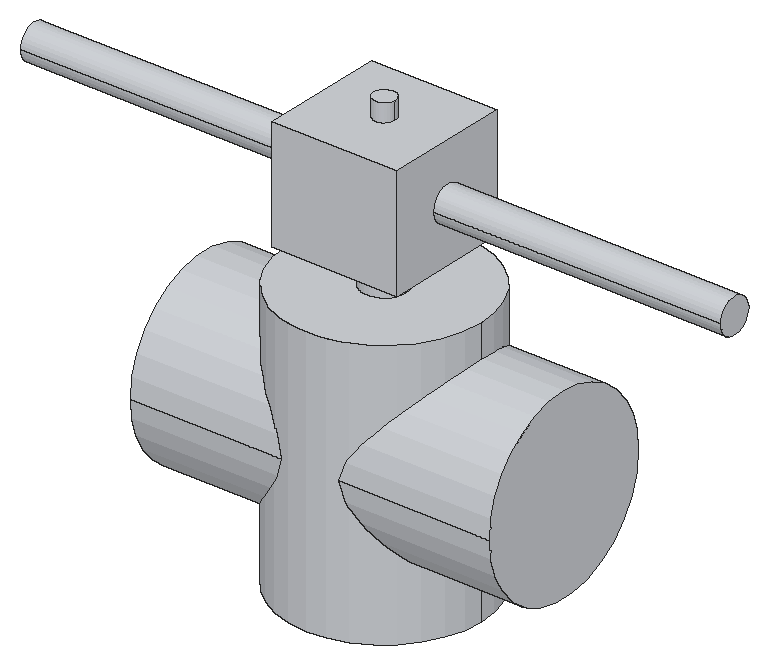
Revit family "M_Válvula macho - 15-50 mm", category Acessórios do tubo, Revit 2019
Family settings
  Cota do conector redondo = Usar raio
  Tipo de parte = Válvula - Quebra entre
  Número OmniClass = 23.65.55.14.17
  Título OmniClass = Adjusting/Controlling Valves for Liquid Services
  ID de item do Seek = Plug Valve - 15-50 mm-0000-CAN-ENU
  Com base no plano de trabalho = Não
  Sempre na vertical = Sim
  Corte com vazios quando carregada = Não
  Compartilhado = Não
Parameters (values of type "15 mm")
  Material da válvula = none
  Comprimento da válvula = 83 mm
  Raio do símbolo = 0.25 * Comprimento de meia válvula  # 10.375 mm
  Meia largura do símbolo = Meia altura do símbolo * 2 * tan(30.00°)  # 27.667 mm
  Meia altura do símbolo = Comprimento de meia válvula * tan(30.00°)  # 23.96 mm
  Raio 4 = 0.5 * Diâmetro 4  # 2.5 mm
  Raio 3 = 0.5 * Diâmetro 3  # 5 mm
  Raio 2 = 0.5 * Diâmetro 2  # 22.5 mm
  Raio externo = 0.5 * Diâmetro externo  # 21.5 mm
  Diâmetro externo = 43 mm
  Altura aberta = 68 mm
  Raio nominal = 7.5 mm
  Diâmetro nominal = Raio nominal * 2  # 15 mm
  Raio da alavanca = 0.5 * Diâmetro da alavanca  # 4 mm
  Comprimento da alavanca = 162 mm
  Diâmetro da alavanca = 8 mm
  K Coefficient = 0.33
  Altura 4 = 64 mm
  Altura 3 = 38 mm
  Altura 2 = 29 mm
  Altura 1 = 33 mm
  Comprimento de meia válvula = 0.5 * Comprimento da válvula  # 41.5 mm
  Comprimento de meia alavanca = 0.5 * Comprimento da alavanca  # 81 mm
  Largura do meio adaptador = 0.5 * Largura do adaptador  # 14.5 mm
  Diâmetro 4 = 5 mm
  Diâmetro 3 = 10 mm
  Diâmetro 2 = 45 mm
  Diâmetro 1 = 43 mm
  Largura do adaptador = 29 mm
Types (6, lengths in mm): name | Comprimento da válvula | Raio do símbolo | Meia largura do símbolo | Meia altura do símbolo | Raio 4 | Raio 3 | Raio 2 | Raio externo | Diâmetro externo | Altura aberta | Raio nominal | Diâmetro nominal | Raio da alavanca | Comprimento da alavanca | Diâmetro da alavanca | K Coefficient | Altura 4 | Altura 3 | Altura 2 | Altura 1 | Comprimento de meia válvula | Comprimento de meia alavanca | Largura do meio adaptador | Diâmetro 4 | Diâmetro 3 | Diâmetro 2 | Diâmetro 1 | Largura do adaptador
  (no name) | 83 | 10.375 | 27.667 | 23.96 | 2.5 | 5 | 22.5 | 21.5 | 43 | 68 | 7.5 | 15 | 4 | 162 | 8 | 0.33 | 64 | 38 | 29 | 33 | 41.5 | 81 | 14.5 | 5 | 10 | 45 | 43 | 29
  15 mm | 83 | 10.375 | 27.667 | 23.96 | 2.5 | 5 | 22.5 | 21.5 | 43 | 68 | 7.5 | 15 | 4 | 162 | 8 | 0.33 | 64 | 38 | 29 | 33 | 41.5 | 81 | 14.5 | 5 | 10 | 45 | 43 | 29
  20 mm | 83 | 10.375 | 27.667 | 23.96 | 2.5 | 5 | 22.5 | 21.5 | 43 | 68 | 10 | 20 | 4 | 162 | 8 | 1.67 | 64 | 38 | 29 | 33 | 41.5 | 81 | 14.5 | 5 | 10 | 45 | 43 | 29
  25 mm | 118 | 14.75 | 39.333 | 34.064 | 3.5 | 7 | 32 | 28 | 56 | 87 | 12.5 | 25 | 5 | 222 | 10 | 0.69 | 82 | 48 | 37 | 44 | 59 | 111 | 20.5 | 7 | 14 | 64 | 56 | 41
  40 mm | 140 | 17.5 | 46.667 | 40.415 | 4.5 | 8.5 | 37.5 | 30 | 60 | 93 | 20 | 40 | 5 | 318 | 10 | 0.29 | 87 | 51 | 39 | 41 | 70 | 159 | 24.5 | 9 | 17 | 75 | 60 | 49
  50 mm | 165 | 20.625 | 55 | 47.631 | 5 | 10 | 44.5 | 38.5 | 77 | 118 | 25 | 50 | 5.5 | 457 | 11 | 0.27 | 110.3 | 64 | 48 | 52 | 82.5 | 228.5 | 29 | 10 | 20 | 89 | 77 | 58
Reference planes
  plane 1 "Centro (Frente/Trás)": y = 0
  plane 2: z = 0
  plane 3 "Centro (Esquerda/Direita)": x = 0
  plane 4: x = -41.5
  plane 5: x = 41.5
  plane 6: z = 29
  plane 7: z = -33
  plane 8: z = 38
  plane 9: z = 64
  plane 10: x = -81
  plane 11: x = 81
  plane 12: z = 51
  plane 13: z = 68
  plane 14: y = 23.96
  plane 15: y = -23.96
  plane 16: x = -27.667
  plane 17: x = 27.667
Forms (mm)
  Extrusion 1, solid, material <- "Material da válvula", detail levels fine
    sketch origin (0, 0, 0) x (0, 1, 0) y (0, 0, 1)
      loop
        circle (0, 0) r 21.5
    from -41.5 to 41.5
  Extrusion 2, solid, material <- "Material da válvula", detail levels fine
    sketch origin (0, 0, 0) x (1, 0, 0) y (0, 1, 0)
      loop
        circle (0, 0) r 22.5
    from -33 to 29
  Extrusion 3, solid, material <- "Material da válvula", detail levels fine
    sketch origin (0, 0, 0) x (1, 0, 0) y (0, 1, 0)
      loop
        circle (0, 0) r 5
    from 29 to 38
  Extrusion 4, solid, material <- "Material da válvula", detail levels fine
    sketch origin (0, 0, 0) x (1, 0, 0) y (0, 1, 0)
      loop
        line (-14.5, 14.5) -> (-14.5, -14.5) -> (14.5, -14.5) -> (14.5, 14.5) -> (-14.5, 14.5)
    from 38 to 64
  Extrusion 5, solid, material <- "Material da válvula", detail levels fine
    sketch origin (0, 0, 0) x (0, 1, 0) y (0, 0, 1)
      loop
        circle (0, 51) r 4
    from -81 to 81
  Extrusion 6, solid, material <- "Material da válvula", detail levels fine
    sketch origin (0, 0, 0) x (1, 0, 0) y (0, 1, 0)
      loop
        circle (0, 0) r 2.5
    from 64 to 68
Cuts and joins
  joined: Extrusion 1, Extrusion 2, Extrusion 3, Extrusion 4, Extrusion 5, Extrusion 6
Lines and regions (mm)
  model lines, detail levels coarse+medium
    curve 1: line (41.5, 23.96, 0) -> (41.5, -23.96, 0)
    curve 2: line (-41.5, 23.96, 0) -> (-41.5, -23.96, 0)
    curve 3: line (-41.5, -23.96, 0) -> (41.5, 23.96, 0)
    curve 4: line (41.5, -23.96, 0) -> (-41.5, 23.96, 0)
    curve 5: circle (0, 0, 0) r 10.375 normal (0, 0, 1)
Dimensions and locks
  "Comprimento de meia válvula": plane 4 to plane 3 "Centro (Esquerda/Direita)"
  "Comprimento de meia válvula": plane 3 "Centro (Esquerda/Direita)" to plane 5
  "Altura 1": plane 2 to plane 7
  "Altura 2": plane 6 to plane 2
  "Altura 3": plane 8 to plane 2
  "Altura 4": plane 9 to plane 2
  equal spacing: Extrusion 4 sketch curve, plane 3 "Centro (Esquerda/Direita)", Extrusion 4 sketch curve
  "Largura do meio adaptador": plane 3 "Centro (Esquerda/Direita)" to Extrusion 4 sketch curve
  equal spacing: Extrusion 4 sketch curve, plane 1 "Centro (Frente/Trás)", Extrusion 4 sketch curve
  "Largura do meio adaptador": plane 1 "Centro (Frente/Trás)" to Extrusion 4 sketch curve
  "Comprimento de meia alavanca": plane 3 "Centro (Esquerda/Direita)" to plane 11
  "Comprimento de meia alavanca": plane 10 to plane 3 "Centro (Esquerda/Direita)"
  equal spacing: plane 9, plane 12, plane 8
  "Altura aberta": plane 13 to plane 2
  "Meia altura do símbolo": plane 1 "Centro (Frente/Trás)" to plane 15
  "Meia altura do símbolo": plane 14 to plane 1 "Centro (Frente/Trás)"
  "Meia largura do símbolo": plane 16 to plane 3 "Centro (Esquerda/Direita)"
  "Meia largura do símbolo": plane 3 "Centro (Esquerda/Direita)" to plane 17
  "Raio externo": radius of Extrusion 1 sketch curve
  "Raio 2": radius of Extrusion 2 sketch curve
  "Raio 3": radius of Extrusion 3 sketch curve
  "Raio da alavanca": radius of Extrusion 5 sketch curve
  "Raio 4": radius of Extrusion 6 sketch curve
  "Raio do símbolo": radius of curve 5
  aligned and locked: plane 1 "Centro (Frente/Trás)" to Extrusion 1 sketch curve
  aligned and locked: plane 2 to Extrusion 1 sketch curve
  aligned and locked: Extrusion 1 to plane 4
  aligned and locked: Extrusion 1 to plane 5
  aligned and locked: plane 3 "Centro (Esquerda/Direita)" to Extrusion 2 sketch curve
  aligned and locked: plane 1 "Centro (Frente/Trás)" to Extrusion 2 sketch curve
  aligned and locked: plane 7 to Extrusion 2
  aligned and locked: plane 6 to Extrusion 2
  aligned and locked: plane 3 "Centro (Esquerda/Direita)" to Extrusion 3 sketch curve
  aligned and locked: plane 1 "Centro (Frente/Trás)" to Extrusion 3 sketch curve
  aligned and locked: Extrusion 3 to plane 6
  aligned and locked: plane 8 to Extrusion 3
  aligned and locked: Extrusion 4 to plane 8
  aligned and locked: plane 9 to Extrusion 4
  aligned and locked: plane 1 "Centro (Frente/Trás)" to Extrusion 5 sketch curve
  aligned and locked: plane 12 to Extrusion 5 sketch curve
  aligned and locked: Extrusion 5 to plane 10
  aligned and locked: Extrusion 5 to plane 11
  aligned and locked: plane 3 "Centro (Esquerda/Direita)" to Extrusion 6 sketch curve
  aligned and locked: plane 1 "Centro (Frente/Trás)" to Extrusion 6 sketch curve
  aligned and locked: Extrusion 6 to plane 9
  aligned and locked: plane 13 to Extrusion 6
  aligned and locked: plane 5 to curve 1
  aligned and locked: curve 2 to plane 4
  aligned and locked: plane 14 to curve 2
  aligned and locked: plane 15 to curve 1
  aligned and locked: plane 14 to curve 1
  aligned and locked: plane 5 to curve 4
  aligned and locked: plane 4 to curve 3
  aligned and locked: plane 15 to curve 3
  aligned and locked: plane 3 "Centro (Esquerda/Direita)" to curve 5
  aligned and locked: plane 1 "Centro (Frente/Trás)" to curve 5
Connectors
  piping at (-41.5, 0, 0), diameter 15, driven by "Raio nominal"
    settings: on Extrusion 1, index 1, connector inside diameter 15 mm, connector length 0 mm, flow factor 0, pipe flow 0.0 L/s, pressure drop 0.0 Pa, fitting loss kfactor 0, connector angle 0.00°, fixture units 0, engagement length 0 mm, angle of deflection 0.00°, flow configuration 0, flow direction 0, fitting loss method 2, system type 29, joint type 0, gender type 0, connector reference index 2, connector utility 0, adjustable connector no, is connector primary yes, connector description ""
  piping at (41.5, 0, 0), diameter 15, driven by "K Coefficient", driven by "Raio nominal"
    settings: on Extrusion 1, index 2, connector inside diameter 15 mm, connector length 0 mm, flow factor 0, pipe flow 0.0 L/s, pressure drop 0.0 Pa, fitting loss kfactor 0.33, connector angle 0.00°, fixture units 0, engagement length 0 mm, angle of deflection 0.00°, flow configuration 0, flow direction 0, fitting loss method 2, system type 29, joint type 0, gender type 0, connector reference index 1, connector utility 0, adjustable connector no, is connector primary no, connector description ""
